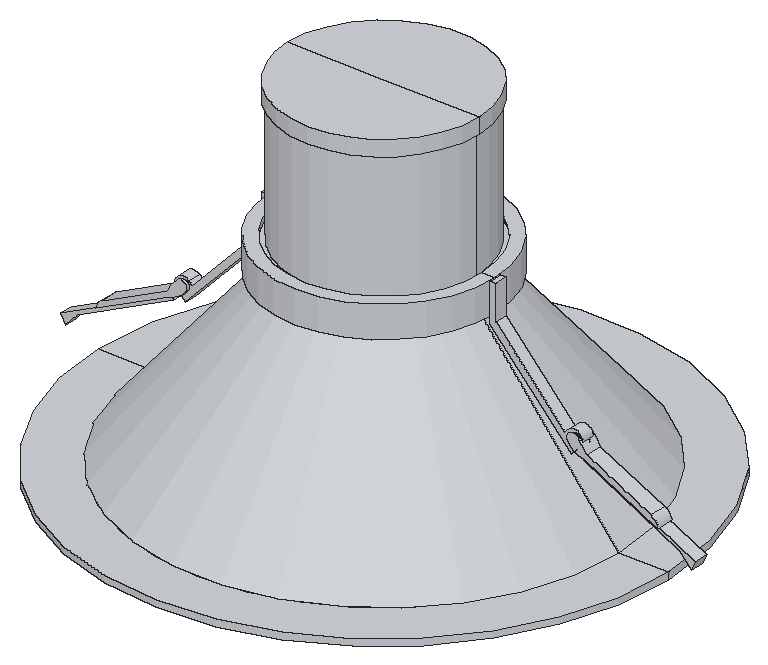
Revit family "Alcon-14123-10R-Revit-Family", category Lighting Fixtures, host Ceiling, Revit 2021
Family settings
  Host = Ceiling
  Round Connector Dimension = Use Diameter
  Part Type = Normal
  OmniClass Number = 23.80.70.11
  OmniClass Title = Luminaries for Internal Lighting
  Always vertical = Yes
  Cut with Voids When Loaded = No
  Light Source = Yes
  Shared = No
  Room Calculation Point = No
Parameters (values of type "Type 1")
  Wattage = 9.2903 W
  built-in parameter 1150110 = 1 (stored number, unit not read)
  built-in parameter 1114217 = 1 (stored number, unit not read)
  Tilt Angle = 60.00°
  built-in parameter 1150109 = 1 (stored number, unit not read)
  built-in parameter 1150134 = (empty or 0)
  built-in parameter 1150113 = 1 (stored number, unit not read)
  built-in parameter 1010507 = 1.5708 (stored number, unit not read)
  built-in parameter 1010506 = 0.5236 (stored number, unit not read)
  Product Identity = "Alcon Lighting 14123-10R"
  Manufacturer = "Alcon Light"
  Lumens = 1380 lm
  built-in parameter 1150115 = 1 (stored number, unit not read)
  built-in parameter 1150105 = 4614.1 (stored number, unit not read)
  Link To Product Page = "https://www.alconlighting.com/14123-10r.html"
  LightSource = none
  Light Source Symbol Length = 10' - 0"
  built-in parameter 1150137 = (empty or 0)
  built-in parameter 1150139 = (empty or 0)
  built-in parameter 1150112 = 1 (stored number, unit not read)
  built-in parameter 1150114 = 1 (stored number, unit not read)
  built-in parameter 1150132 = 2
  built-in parameter 1150102 = (empty or 0)
  built-in parameter 1150138 = (empty or 0)
  built-in parameter 1150107 = 3000 (stored number, unit not read)
  built-in parameter 1150106 = 46.141 (stored number, unit not read)
  Housing = none
  built-in parameter 1150104 = 13.8 (stored number, unit not read)
  Dimming Lamp Color Temperature Shift = <None>
  Default Elevation = 0' - 0"
  Color Filter = 16777215
  built-in parameter 1114218 = 1 (stored number, unit not read)
  built-in parameter 1150133 = 10 (stored number, unit not read)
Reference planes (in)
  plane 1 "Light Source Axis (F/B)": y = 0
  plane 2: z = 0
  plane 3 "Light Source Axis (L/R)": x = 0
  plane 4 "Ceiling": z = 157.79911
  plane 5 "Light Source Elevation": z = 157.10531
Forms (in)
  Revolve 1, solid, material <- "Housing"
    sketch origin (0, 0, 0) x (1, 0, 0) y (0, 0, 1)
      loop
        line (-5.595, 157.48031) -> (-5.595, 157.35531) -> (-4.53319, 157.35531) -> (-1.715, 160.7139) -> (-1.715, 160.98341) -> (-1.92838, 160.98341) -> (-1.92838, 161.45531) -> (-2.18252, 161.45531) -> (-2.18252, 160.83414) -> (-1.87735, 160.83414) -> (-1.87735, 160.73647) -> (-4.60958, 157.48031) -> (-5.595, 157.48031)
      axis (0, 161.45531) -> (0, 157.35531)
    angle from 0 to 360
  Extrusion 2, void
    sketch origin (0, 0, 157.79911) x (0, 1, 0) y (-1, 0, 0)
      loop
        circle (0, 0) r 5.595
    from -0.44379 to 2.59737
  Revolve 3, solid, material <- "Housing"
    sketch origin (0, 0, -4.47216) x (1, 0, 0) y (0, 0, 1)
      loop
        line (0, 165.45557) -> (0, 168.6529) -> (-1.87594, 168.6529) -> (-1.87594, 168.35173) -> (-1.82523, 168.35173) -> (-1.82523, 165.85173) -> (-1.92838, 165.85173) -> (-1.92838, 165.45557) -> (0, 165.45557)
      axis (0, 165.45557) -> (0, 168.6529)
    angle from 0 to 360
  Revolve 4, solid, material <- "LightSource"
    sketch origin (0, 0, -4.47216) x (1, 0, 0) y (0, 0, 1)
      loop
        line (0, 165.1929) -> (0, 165.45557) -> (-1.715, 165.45557) -> (-1.715, 165.1929) -> (0, 165.1929)
      axis (0, 165.1929) -> (0, 165.45557)
    angle from 0 to 360
  Extrusion 5, solid, material <- "Housing"
    sketch origin (-3.46114, 0, 1.58) x (1, 0, 0) y (0, 0, 1)
      loop
        line (1.27862, 159.12038) -> (1.27862, 159.87531) -> (1.17207, 159.87531) -> (1.17207, 159.19374) -> (-0.19556, 157.74092) -> (-0.25996, 157.80532)
        arc (-0.25996, 157.80532) -> (-0.49407, 157.80633) -> (-0.49306, 157.57222) r 0.16483
        line (-0.49306, 157.57222) -> (-0.33116, 157.41032) -> (1.27862, 159.12038)
    from -0.125 to 0.125
  Extrusion 6, solid, material <- "Housing"
    sketch origin (-164.85076, 0, 125.42524) x (0.227811, 0, -0.973705) y (0.973705, 0, 0.227811)
      loop
        arc (3.80372, 164.56158) -> (3.65293, 164.58053) -> (3.61829, 164.43254) r 0.11358
        arc (3.61829, 164.43254) -> (3.71132, 164.29628) -> (3.82868, 164.1803) r 0.85974
        line (3.82868, 164.1803) -> (4.14145, 162.80716)
        arc (4.14145, 162.80716) -> (4.19439, 162.7002) -> (4.29011, 162.62894) r 0.2556
        line (4.29011, 162.62894) -> (3.92905, 164.21408)
        arc (3.92905, 164.21408) -> (3.89861, 164.39945) -> (3.80372, 164.56158) r 0.51511
    from -0.16797 to 0.16797
  Extrusion 7, solid, material <- "Housing"
    sketch origin (-164.85076, 0, 125.42524) x (0.227811, 0, -0.973705) y (0.973705, 0, 0.227811)
      loop
        line (4.46628, 161.85552) -> (4.6635, 161.90044) -> (4.46057, 162.18148) -> (3.99239, 164.23692) -> (3.92905, 164.21408) -> (4.46628, 161.85552)
    from -0.125 to 0.125
  Extrusion 8, solid, material <- "Housing"
    sketch origin (3.46114, 0, 1.58) x (-1, 0, 0) y (0, 0, -1)
      loop
        line (1.27862, -159.12038) -> (-0.33116, -157.41032) -> (-0.49306, -157.57222)
        arc (-0.49306, -157.57222) -> (-0.49407, -157.80633) -> (-0.25996, -157.80532) r 0.16483
        line (-0.25996, -157.80532) -> (-0.19556, -157.74092) -> (1.17207, -159.19374) -> (1.17207, -159.87531) -> (1.27862, -159.87531) -> (1.27862, -159.12038)
    from -0.125 to 0.125
  Extrusion 9, solid, material <- "Housing"
    sketch origin (164.85076, 0, 125.42524) x (-0.227811, 0, -0.973705) y (0.973705, 0, -0.227811)
      loop
        arc (3.80372, -164.56158) -> (3.89861, -164.39945) -> (3.92905, -164.21408) r 0.51511
        line (3.92905, -164.21408) -> (4.29011, -162.62894)
        arc (4.29011, -162.62894) -> (4.19439, -162.7002) -> (4.14145, -162.80716) r 0.2556
        line (4.14145, -162.80716) -> (3.82868, -164.1803)
        arc (3.82868, -164.1803) -> (3.71132, -164.29628) -> (3.61829, -164.43254) r 0.85974
        arc (3.61829, -164.43254) -> (3.65293, -164.58053) -> (3.80372, -164.56158) r 0.11358
    from -0.16797 to 0.16797
  Extrusion 10, solid, material <- "Housing"
    sketch origin (164.85076, 0, 125.42524) x (-0.227811, 0, -0.973705) y (0.973705, 0, -0.227811)
      loop
        line (4.46628, -161.85552) -> (3.92905, -164.21408) -> (3.99239, -164.23692) -> (4.46057, -162.18148) -> (4.6635, -161.90044) -> (4.46628, -161.85552)
    from -0.125 to 0.125
Dimensions and locks (in)
  equal spacing: host sketch curve, plane 3 "Light Source Axis (L/R)", host sketch curve
  equal spacing: host sketch curve, plane 1 "Light Source Axis (F/B)", host sketch curve
  host sketch curve to host sketch curve = 13' - 1.48031"  (x2)
  host ceiling to plane 4 "Ceiling" = 0' - 0.31879"
  Revolve 1 to Revolve 1 = 0' - 11.19"
  aligned and locked: plane 1 "Light Source Axis (F/B)" to imposter light
